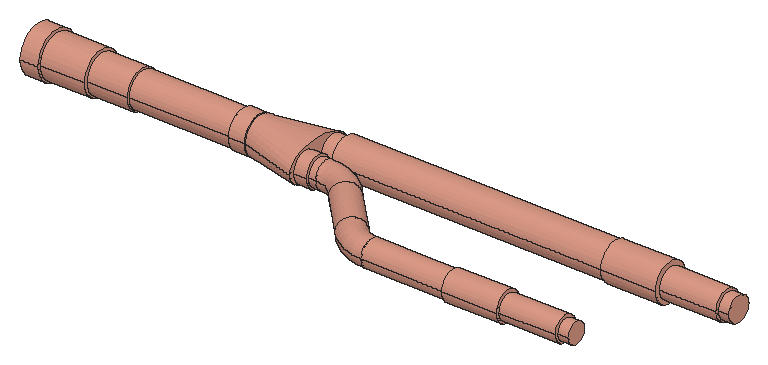
Revit family "outputfile", category 配管付属品, Revit 2024
Family settings
  丸型コネクタ寸法 = 半径を使用
  パーツ タイプ = 標準
  OmniClass 番号 = 23.65.55.00
  OmniClass タイトル = Distribution of Supplied Liquids/Gases
  作業面ベース = いいえ
  常に垂直 = はい
  ロード時にボイドで切り取り = いいえ
  共有 = いいえ
Parameters (values of type "BHRP25A73T")
  Description = ""
  製造元 = "Daikin"
  書き出し IFC クラス(タイプ) = "IfcPipeFittingType"
  定義済み IFC タイプ(タイプ) = "JUNCTION"
  Cost = 0
  Type Comments = ""
  Keynote = ""
  Type Image = (empty or 0)
  Assembly Code = ""
  mm⇔inch [instance] = yes
  Default Elevation = 0.0 mm
  モデル = "BHRP25A73T"
  table_StraightPipe [instance] = if(mm⇔inch, "Refnet Joint_BHRP25A-T_HPLPGas_StraightPipe", "Refnet Joint_BHRP25A-T_HPLPGas_StraightPipe_inch")  # "Refnet Joint_BHRP25A-T_HPLPGas_StraightPipe"
  table_BranchPipe [instance] = if(mm⇔inch, "Refnet Joint_BHRP25A-T_HPLPGas_BranchPipe", "Refnet Joint_BHRP25A-T_HPLPGas_BranchPipe_inch")  # "Refnet Joint_BHRP25A-T_HPLPGas_BranchPipe"
  table_Inlet [instance] = if(mm⇔inch, "Refnet Joint_BHRP25A-T_HPLPGas_Inlet", "Refnet Joint_BHRP25A-T_HPLPGas_Inlet_inch")  # "Refnet Joint_BHRP25A-T_HPLPGas_Inlet"
  switch_StraightPipe_Reducer [instance] = if(Is_StraightPipe Reducer = 1, 1 = 1, 1 = 0)  # no
  switch_StraightPipe3 [instance] = if(number_StraightPipe = 3, 1 = 1, 1 = 0)  # yes
  switch_StraightPipe2 [instance] = if(number_StraightPipe < 2, 1 = 0, 1 = 1)  # yes
  switch_BranchPipe_Reducer [instance] = if(Is_BranchPipe Reducer = 1, 1 = 1, 1 = 0)  # no
  switch_BranchPipe3 [instance] = if(number_BranchPipe = 3, 1 = 1, 1 = 0)  # yes
  switch_BranchPipe2 [instance] = if(number_BranchPipe < 2, 1 = 0, 1 = 1)  # yes
  switch_Inlet pipe_Reducer [instance] = if(Is_Inlet Reducer = 1, 1 = 1, 1 = 0)  # no
  switch_Inlet pipe3 [instance] = if(number_InletPipe = 3, 1 = 1, 1 = 0)  # yes
  switch_Inlet pipe2 [instance] = if(number_InletPipe < 2, 1 = 0, 1 = 1)  # yes
  Uniclass2015Version = "Products v1.31"
  Uniclass2015Title = "Copper pipe fittings"
  Uniclass2015Code = "Pr_65_52_63_18"
  URL = ""
  StraightPipe_HP/LP Gas_ActualDiameter [instance] = 15.9 mm
  Material_Piping = DAIKIN_Copper_Pipe
  Material_Insulation = DAIKIN_White_Insulation
  lw_Insulation [instance] = size_lookup(table_Inlet, "lw_Insulation", 60.0 mm, モデル)  # 57.0 mm
  Unit Type = "BHRP25A-T_HPLPGas"
  Tag No. [instance] = ""
  StraightPipe_HP/LP Gas_Status [instance] = size_lookup(table_StraightPipe, "Information", "The connected pipe size is not available.", モデル, [StraightPipe_HP/LP Gas_ActualDiameter])  # "Default connector size is used."
  Link_Nested Family [instance] = ""
  Inlet_HP/LP Gas_Actual Diameter [instance] = 31.8 mm
  IfcVersion = ""
  IfcExportType = "JUNCTION"
  IfcExportAs = "IfcPipeFittingType"
  BranchPipe_HP/LP Gas_Status [instance] = size_lookup(table_BranchPipe, "Information", "The connected pipe size is not available.", モデル, [BranchPipe_HP/LP Gas_ActualDiameter])  # "Default connector size is used."
  Inlet_HP/LP Gas_Status [instance] = size_lookup(table_Inlet, "Information", "The connected pipe size is not available.", モデル, [Inlet_HP/LP Gas_Actual Diameter])  # "Default connector size is used."
  Series = "Refnet Joint"
  O.R_dividePipe_Inlet [instance] = (I.D_InletPipe1 + 2.0 mm) / 2  # 13.7 mm
  r_StraightPipe_Connector [instance] = [StraightPipe_HP/LP Gas_ActualDiameter] / 2  # 7.95 mm
  r_BranchPipe_Connector [instance] = [BranchPipe_HP/LP Gas_ActualDiameter] / 2  # 6.35 mm
  r_Inlet_Connector [instance] = [Inlet_HP/LP Gas_Actual Diameter] / 2  # 15.9 mm
  number_StraightPipe [instance] = size_lookup(table_StraightPipe, "pipeNumber", 3, モデル, [StraightPipe_HP/LP Gas_ActualDiameter])  # 3
  number_BranchPipe [instance] = size_lookup(table_BranchPipe, "pipeNumber", 2, モデル, [BranchPipe_HP/LP Gas_ActualDiameter])  # 3
  number_InletPipe [instance] = size_lookup(table_Inlet, "pipeNumber", 2, モデル, [Inlet_HP/LP Gas_Actual Diameter])  # 3
  r_BranchPipeR [instance] = size_lookup(table_BranchPipe, "r_offsetPipeR", 20.0 mm, モデル, [BranchPipe_HP/LP Gas_ActualDiameter])  # 30.0 mm
  l_BranchPipe_Straight2 [instance] = size_lookup(table_BranchPipe, "L_offsetPipe2", 40.0 mm, モデル)  # 60.0 mm
  l_BranchPipe_Straight1 [instance] = size_lookup(table_BranchPipe, "L_offsetPipe1", 5.5 mm, モデル)  # 5.6 mm
  l_BranchPipe connector [instance] = size_lookup(table_BranchPipe, "Length", 165.0 mm, モデル, [BranchPipe_HP/LP Gas_ActualDiameter])  # 243.0 mm
  l_inlet connector [instance] = size_lookup(table_Inlet, "Length", 97.0 mm, モデル, [Inlet_HP/LP Gas_Actual Diameter])  # 162.0 mm
  l_dividePipe [instance] = size_lookup(table_Inlet, "L_devidePipe", 38.0 mm, モデル)  # 43.0 mm
  l_StraightPipeReducer [instance] = size_lookup(table_StraightPipe, "L_Reducer", 100.0 mm, モデル, [StraightPipe_HP/LP Gas_ActualDiameter])  # 100.0 mm
  l_StraightPipe3 [instance] = size_lookup(table_StraightPipe, "L_Pipe3", 8.0 mm, モデル)  # 8.0 mm
  l_StraightPipe2 [instance] = size_lookup(table_StraightPipe, "L_Pipe2", 42.0 mm, モデル)  # 42.0 mm
  l_StraightPipe1 [instance] = size_lookup(table_StraightPipe, "L_Pipe1", 40.0 mm, モデル)  # 40.0 mm
  l_StraightPipe0 [instance] = size_lookup(table_StraightPipe, "L_Pipe0", 105.0 mm, モデル)  # 198.0 mm
  l_StraightPipe connector [instance] = size_lookup(table_StraightPipe, "Length", 205.0 mm, モデル, [StraightPipe_HP/LP Gas_ActualDiameter])  # 298.0 mm
  l_BranchPipe Reducer [instance] = size_lookup(table_BranchPipe, "L_Reducer", 80.0 mm, モデル, [BranchPipe_HP/LP Gas_ActualDiameter])  # 120.0 mm
  l_BranchPipe3 [instance] = size_lookup(table_BranchPipe, "L_Pipe3", 2.0 mm, モデル)  # 8.0 mm
  l_BranchPipe2 [instance] = size_lookup(table_BranchPipe, "L_Pipe2", 7.0 mm, モデル)  # 42.0 mm
  l_BranchPipe1 [instance] = size_lookup(table_BranchPipe, "L_Pipe1", 43.0 mm, モデル)  # 40.0 mm
  l_BranchPipe0 [instance] = size_lookup(table_BranchPipe, "L_Pipe0", 105.0 mm, モデル)  # 143.0 mm
  l_InletReducer [instance] = size_lookup(table_Inlet, "L_Reducer", 60.0 mm, モデル, [Inlet_HP/LP Gas_Actual Diameter])  # 120.0 mm
  l_InletPipe3 [instance] = size_lookup(table_Inlet, "L_Pipe3", 2.0 mm, モデル)  # 13.0 mm
  l_InletPipe2 [instance] = size_lookup(table_Inlet, "L_Pipe2", 8.0 mm, モデル)  # 33.0 mm
  l_InletPipe1 [instance] = size_lookup(table_Inlet, "L_Pipe1", 42.0 mm, モデル)  # 30.0 mm
  l_InletPipe0 [instance] = size_lookup(table_Inlet, "L_Pipe0", 35.0 mm, モデル)  # 74.0 mm
  center_StraightPipe [instance] = size_lookup(table_StraightPipe, "center_Pipe", 8.5 mm, モデル)  # 12.5 mm
  center_BranchPipe2 [instance] = size_lookup(table_BranchPipe, "center_OffsetPipe", 71.5 mm, モデル)  # 67.5 mm
  center_BranchPipe1 [instance] = size_lookup(table_BranchPipe, "center_Pipe", 8.5 mm, モデル)  # 12.5 mm
  StraightPipe_HP/LP Gas_AvailableDiameter [instance] = size_lookup(table_StraightPipe, "sizeVariation", "", モデル)  # "15.9/19.1/25.4/28.6mm"
  BranchPipe_HP/LP Gas_AvailableDiameter [instance] = size_lookup(table_BranchPipe, "sizeVariation", "", モデル)  # "12.7/15.9/19.1/28.6mm"
  Inlet_HP/LP Gas_Available Diameter [instance] = size_lookup(table_Inlet, "sizeVariation", "", モデル)  # "25.4/28.6/31.8/34.9mm"
  O.D_StraightPipe Reducer [instance] = size_lookup(table_StraightPipe, "O.D_reducer", 2 mm, モデル, [StraightPipe_HP/LP Gas_ActualDiameter])  # 2 mm
  O.D_Offset Outlet Reducer [instance] = size_lookup(table_BranchPipe, "O.D_reducer", 2 mm, モデル, [BranchPipe_HP/LP Gas_ActualDiameter])  # 2 mm
  O.D_Inlet Reducer [instance] = size_lookup(table_Inlet, "O.D_reducer", 2 mm, モデル, [Inlet_HP/LP Gas_Actual Diameter])  # 2 mm
  Is_StraightPipe Reducer [instance] = size_lookup(table_StraightPipe, "IsReducer", 0, モデル, [StraightPipe_HP/LP Gas_ActualDiameter])  # 0
  Is_BranchPipe Reducer [instance] = size_lookup(table_BranchPipe, "IsReducer", 0, モデル, [BranchPipe_HP/LP Gas_ActualDiameter])  # 0
  Is_Inlet Reducer [instance] = size_lookup(table_Inlet, "IsReducer", 0, モデル, [Inlet_HP/LP Gas_Actual Diameter])  # 0
  BranchPipe_HP/LP Gas_ActualDiameter [instance] = 12.7 mm
  Attach_Insulation [instance] = no
  I.D_StraightPipe3 [instance] = size_lookup(table_StraightPipe, "I.D_PipeSize3", 9.5 mm, モデル)  # 15.9 mm
  I.D_StraightPipe2 [instance] = size_lookup(table_StraightPipe, "I.D_PipeSize2", 12.7 mm, モデル)  # 19.1 mm
  I.D_StraightPipe1 [instance] = size_lookup(table_StraightPipe, "I.D_PipeSize1", 15.9 mm, モデル)  # 25.4 mm
  I.D_StraightPipe0 [instance] = size_lookup(table_StraightPipe, "I.D_PipeSize0", 13.9 mm, モデル)  # 23.4 mm
  I.D_BranchPipe3 [instance] = size_lookup(table_BranchPipe, "I.D_PipeSize3", 2 mm, モデル)  # 12.7 mm
  I.D_BranchPipe2 [instance] = size_lookup(table_BranchPipe, "I.D_PipeSize2", 9.5 mm, モデル)  # 15.9 mm
  I.D_BranchPipe1 [instance] = size_lookup(table_BranchPipe, "I.D_PipeSize1", 12.7 mm, モデル)  # 19.1 mm
  I.D_BranchPipe0 [instance] = size_lookup(table_BranchPipe, "I.D_PipeSize0", 10.7 mm, モデル)  # 17.1 mm
  I.D_Straight Reducer [instance] = size_lookup(table_StraightPipe, "I.D_reducer", 2 mm, モデル, [StraightPipe_HP/LP Gas_ActualDiameter])  # 2 mm
  I.D_OutletPipe [instance] = size_lookup(table_Inlet, "I.D_OutletPipeSize", 13.3 mm, モデル, [Inlet_HP/LP Gas_Actual Diameter])  # 19.6 mm
  I.D_Branch Reducer [instance] = size_lookup(table_BranchPipe, "I.D_reducer", 2 mm, モデル, [BranchPipe_HP/LP Gas_ActualDiameter])  # 2 mm
  I.D_Inlet Reducer [instance] = size_lookup(table_Inlet, "I.D_reducer", 2 mm, モデル, [Inlet_HP/LP Gas_Actual Diameter])  # 2 mm
  I.D_InletPipe3 [instance] = size_lookup(table_Inlet, "I.D_PipeSize3", 2 mm, モデル)  # 31.8 mm
  I.D_InletPipe2 [instance] = size_lookup(table_Inlet, "I.D_PipeSize2", 12.7 mm, モデル)  # 28.6 mm
  I.D_InletPipe1 [instance] = size_lookup(table_Inlet, "I.D_PipeSize1", 15.9 mm, モデル)  # 25.4 mm
  I.D_InletPipe0 [instance] = size_lookup(table_Inlet, "I.D_PipeSize0", 13.9 mm, モデル)  # 23.4 mm
Reference planes
  plane 1 "Center (Front/Back)": y = 0
  plane 2: z = 0
  plane 3 "base_left": x = 0
  plane 4: x = 13
  plane 5: x = 46
  plane 6: x = 76
  plane 7: x = 150
  plane 8: x = 162
  plane 9: x = 205
  plane 10: x = 215
  plane 11 "center_straight outlet": y = 12.5
  plane 12 "center2_offset outlet": y = -67.5
  plane 13 "center1_offset outlet": y = -12.5
  plane 14: x = 413
  plane 15: x = 453
  plane 16: x = 495
  plane 17: x = 358
  plane 18: x = 398
  plane 19: x = 440
  plane 20: x = 503
  plane 21: x = 448
  plane 22 "Reducer_straightoutlet": x = 448
  plane 23: x = 503
  plane 24: y = -26.2
  plane 25: z = 13.7
  plane 26 "Inlet_connector": x = 0
  plane 27 "Left_Insulation": x = 105
Forms (mm)
  SweptBlend 1, solid, material "DAIKIN_Copper_Pipe" <- "Material_Piping"
    path origin (0, 0, 0) x (1, 0, 0) y (0, 1, 0)
      loop
        line (162, 0) -> (205, 0)
    profile origin (162, 0, 0) x (0, 1, 0) y (0, 0, 1)
      loop
        circle (0, 0) r 13.7
    end profile origin (205, 0, 0) x (0, 1, 0) y (0, 0, 1)
      loop
        spline (-26.2, 0) -> (-25.307, -3.546) -> (-22.69, -6.85) -> (-18.526, -9.687) -> (-13.1, -11.865) -> (-6.781, -13.233) -> (0, -13.7) -> (6.781, -13.233) -> (13.1, -11.865) -> (18.526, -9.687) -> (22.69, -6.85) -> (25.307, -3.546) -> (26.2, 0)
        spline (26.2, 0) -> (25.307, 3.546) -> (22.69, 6.85) -> (18.526, 9.687) -> (13.1, 11.865) -> (6.781, 13.233) -> (0, 13.7) -> (-6.781, 13.233) -> (-13.1, 11.865) -> (-18.526, 9.687) -> (-22.69, 6.85) -> (-25.307, 3.546) -> (-26.2, 0)
Dimensions and locks
  "l_InletPipe3": plane 3 "base_left" to plane 4
  "l_InletPipe2": plane 4 to plane 5
  "l_InletPipe1": plane 5 to plane 6
  "l_InletPipe0": plane 6 to plane 7
  locked: plane 7 to plane 8 at 12
  "center_StraightPipe": plane 1 "Center (Front/Back)" to plane 11 "center_straight outlet"
  "center_BranchPipe2": plane 12 "center2_offset outlet" to plane 1 "Center (Front/Back)"
  "center_BranchPipe1": plane 13 "center1_offset outlet" to plane 1 "Center (Front/Back)"
  "l_dividePipe": plane 8 to plane 9
  plane 9 to plane 10 = 10.0 mm
  "l_StraightPipe0": plane 10 to plane 14
  "l_BranchPipe0": plane 10 to plane 17
  "l_BranchPipe1": plane 17 to plane 18
  "l_BranchPipe2": plane 18 to plane 19
  "l_StraightPipe1": plane 14 to plane 15
  "l_StraightPipe2": plane 15 to plane 16
  "l_StraightPipe3": plane 16 to plane 20
  "l_BranchPipe3": plane 19 to plane 21
  "l_BranchPipe connector": plane 9 to plane 22 "Reducer_straightoutlet"
  "l_StraightPipe connector": plane 9 to plane 23
  "O.R_dividePipe_Inlet": plane 24 to plane 13 "center1_offset outlet"
  "O.R_dividePipe_Inlet": plane 25 to plane 2
  "l_inlet connector": plane 26 "Inlet_connector" to plane 8
  "lw_Insulation": plane 27 "Left_Insulation" to plane 8
  "O.R_dividePipe_Inlet": radius of SweptBlend 1 sketch curve
  aligned and locked: level to plane 2
  aligned and locked: plane 2 to nested 1
  aligned and locked: plane 3 "base_left" to nested 1
  aligned and locked: plane 1 "Center (Front/Back)" to nested 1
  aligned and locked: plane 4 to nested 2
  aligned and locked: plane 1 "Center (Front/Back)" to nested 2
  aligned and locked: plane 5 to nested 2
  aligned and locked: plane 5 to nested 3
  aligned and locked: plane 6 to nested 3
  aligned and locked: plane 6 to nested 4
  aligned and locked: nested 4 to plane 7
  aligned and locked: nested 5 to plane 7
  aligned and locked: nested 5 to plane 8
  aligned and locked: plane 8 to SweptBlend 1 sketch curve
  aligned and locked: plane 9 to SweptBlend 1 sketch curve
  aligned and locked: plane 2 to SweptBlend 1 sketch curve  (x2)
  aligned and locked: plane 1 "Center (Front/Back)" to SweptBlend 1 sketch curve  (x2)
  aligned and locked: nested 6 to plane 9
  aligned and locked: nested 7 to plane 9
  aligned and locked: nested 6 to plane 11 "center_straight outlet"
  aligned and locked: nested 7 to plane 13 "center1_offset outlet"
  aligned and locked: nested 7 to plane 10
  aligned and locked: nested 6 to plane 10
  aligned and locked: nested 8 to plane 10
  aligned and locked: plane 14 to nested 8
  aligned and locked: nested 8 to plane 11 "center_straight outlet"
  aligned and locked: plane 14 to nested 9
  aligned and locked: nested 9 to plane 11 "center_straight outlet"
  aligned and locked: plane 15 to nested 9
  aligned and locked: nested 10 to plane 11 "center_straight outlet"
  aligned and locked: plane 15 to nested 10
  aligned and locked: plane 16 to nested 10
  aligned and locked: nested 11 to plane 12 "center2_offset outlet"
  aligned and locked: plane 17 to nested 11
  aligned and locked: plane 18 to nested 11
  aligned and locked: nested 12 to plane 12 "center2_offset outlet"
  aligned and locked: plane 18 to nested 12
  aligned and locked: plane 19 to nested 12
  aligned and locked: nested 13 to plane 10
  aligned and locked: nested 13 to plane 13 "center1_offset outlet"
  aligned and locked: nested 13 to plane 12 "center2_offset outlet"
  aligned and locked: plane 8 to nested 14
  aligned and locked: plane 1 "Center (Front/Back)" to nested 14
  aligned and locked: plane 11 "center_straight outlet" to nested 15
  aligned and locked: nested 15 to plane 9
  aligned and locked: nested 16 to plane 9
  aligned and locked: plane 12 "center2_offset outlet" to nested 16
  aligned and locked: nested 17 to plane 1 "Center (Front/Back)"
  aligned and locked: plane 16 to nested 18
  aligned and locked: plane 20 to nested 18
  aligned and locked: plane 19 to nested 19
  aligned and locked: plane 21 to nested 19
  aligned and locked: nested 20 to plane 12 "center2_offset outlet"
  aligned and locked: plane 23 to nested 21
  aligned and locked: nested 21 to plane 11 "center_straight outlet"
  aligned and locked: plane 4 to nested 1
  aligned and locked: plane 24 to SweptBlend 1 sketch curve
  aligned and locked: plane 25 to SweptBlend 1 sketch curve
  aligned and locked: nested 19 to plane 12 "center2_offset outlet"
  aligned and locked: nested 18 to plane 11 "center_straight outlet"
  aligned and locked: nested 17 to plane 26 "Inlet_connector"
  aligned and locked: plane 22 "Reducer_straightoutlet" to nested 20
  aligned and locked: plane 27 "Left_Insulation" to nested 22
  aligned and locked: plane 1 "Center (Front/Back)" to nested 22
Automatic sketch dimensions
  plane 1 "Center (Front/Back)" to SweptBlend 1 sketch curve = 0.0 mm
Nested families
  nested 1: "daikin_Pipe" at (6.5, 0, 0), I.D_Pipe <- "I.D_InletPipe3", display <- "switch_Inlet pipe3", type "*"
    with length_Pipe 13.0 mm, display yes, O.D_Pipe 33.8 mm, I.D_Pipe 31.8 mm
  nested 2: "daikin_Pipe" at (29.5, 0, 0), I.D_Pipe <- "I.D_InletPipe2", display <- "switch_Inlet pipe2", type "*"
    with length_Pipe 33.0 mm, display yes, O.D_Pipe 30.6 mm, I.D_Pipe 28.6 mm
  nested 3: "daikin_Pipe" at (61, 0, 0), I.D_Pipe <- "I.D_InletPipe1", type "*"
    with length_Pipe 30.0 mm, display yes, O.D_Pipe 27.4 mm, I.D_Pipe 25.4 mm
  nested 4: "daikin_Pipe" at (113, 0, 0), I.D_Pipe <- "I.D_InletPipe0", type "*"
    with length_Pipe 74.0 mm, display yes, O.D_Pipe 25.4 mm, I.D_Pipe 23.4 mm
  nested 5: "daikin_Pipe" at (156, 0, 0), I.D_Pipe <- "I.D_InletPipe1", type "*"
    with length_Pipe 12.0 mm, display yes, O.D_Pipe 27.4 mm, I.D_Pipe 25.4 mm
  nested 6: "daikin_Pipe" at (210, 12.5, 0), I.D_Pipe <- "I.D_OutletPipe", type "*"
    with length_Pipe 10.0 mm, display yes, O.D_Pipe 21.6 mm, I.D_Pipe 19.6 mm
  nested 7: "daikin_Pipe" at (210, -12.5, 0), I.D_Pipe <- "I.D_OutletPipe", type "*"
    with length_Pipe 10.0 mm, display yes, O.D_Pipe 21.6 mm, I.D_Pipe 19.6 mm
  nested 8: "daikin_Pipe" at (314, 12.5, 0), I.D_Pipe <- "I.D_StraightPipe0", type "*"
    with length_Pipe 198.0 mm, display yes, O.D_Pipe 25.4 mm, I.D_Pipe 23.4 mm
  nested 9: "daikin_Pipe" at (433, 12.5, 0), I.D_Pipe <- "I.D_StraightPipe1", type "*"
    with length_Pipe 40.0 mm, display yes, O.D_Pipe 27.4 mm, I.D_Pipe 25.4 mm
  nested 10: "daikin_Pipe" at (474, 12.5, 0), I.D_Pipe <- "I.D_StraightPipe2", display <- "switch_StraightPipe2", type "*"
    with length_Pipe 42.0 mm, display yes, O.D_Pipe 21.1 mm, I.D_Pipe 19.1 mm
  nested 11: "daikin_Pipe" at (378, -67.5, 0), I.D_Pipe <- "I.D_BranchPipe1", type "*"
    with length_Pipe 40.0 mm, display yes, O.D_Pipe 21.1 mm, I.D_Pipe 19.1 mm
  nested 12: "daikin_Pipe" at (419, -67.5, 0), I.D_Pipe <- "I.D_BranchPipe2", display <- "switch_BranchPipe2", type "*"
    with length_Pipe 42.0 mm, display yes, O.D_Pipe 17.9 mm, I.D_Pipe 15.9 mm
  nested 13: "daikin_Pipe Ofsset" at (215, -12.5, 0), I.D_Pipe size <- "I.D_BranchPipe0", length_straight pipe1 <- "l_BranchPipe_Straight1", length_straight pipe2 <- "l_BranchPipe_Straight2", r_Pipe R <- "r_BranchPipeR", length_Pipe <- "l_BranchPipe0", type "*"
    with r_Pipe R 30.0 mm, length_straight pipe2 60.0 mm, length_straight pipe1 5.6 mm, length_offset center 55.0 mm, length_Pipe 143.0 mm, O.D_Pipe size 19.1 mm, I.D_Pipe size 17.1 mm
  nested 14: "daikin_connector_rotate2" at (162, 0, 0) x (0, -1, 0) z (0, 0, 1), length <- "l_inlet connector", type "daikin_connector_rotate2"
    with radius 5.0 mm, length 162.0 mm, angle_vertical 90.00°, locaton_mark no
  nested 15: "daikin_connector_rotate2" at (205, 12.5, 0) x (0, 1, 0) z (0, 0, 1), length <- "l_StraightPipe connector", type "daikin_connector_rotate2"
    with radius 5.0 mm, length 298.0 mm, angle_vertical 90.00°, locaton_mark no
  nested 16: "daikin_connector_rotate2" at (205, -67.5, 0) x (0, 1, 0) z (0, 0, 1), length <- "l_BranchPipe connector", type "daikin_connector_rotate2"
    with radius 5.0 mm, length 243.0 mm, angle_vertical 90.00°, locaton_mark no
  nested 17: "daikin_Pipe_reducer" at (60, 0, 0) x (-1, 0, 0) z (0, 0, 1), display <- "switch_Inlet pipe_Reducer", length_Pipe <- "l_InletReducer", I.D_Pipe1 <- "I.D_Inlet Reducer", O.D_Pipe2 <- "O.D_Inlet Reducer", type "*"
    with length_Pipe 120.0 mm, display no, O.D_Pipe2 2.0 mm, O.D_Pipe1 4.0 mm, I.D_Pipe2 0.0 mm, I.D_Pipe1 2.0 mm
  nested 18: "daikin_Pipe" at (499, 12.5, 0), I.D_Pipe <- "I.D_StraightPipe3", display <- "switch_StraightPipe3", type "*"
    with length_Pipe 8.0 mm, display yes, O.D_Pipe 17.9 mm, I.D_Pipe 15.9 mm
  nested 19: "daikin_Pipe" at (444, -67.5, 0), I.D_Pipe <- "I.D_BranchPipe3", display <- "switch_BranchPipe3", type "*"
    with length_Pipe 8.0 mm, display yes, O.D_Pipe 14.7 mm, I.D_Pipe 12.7 mm
  nested 20: "daikin_Pipe_reducer" at (388, -67.5, 0), I.D_Pipe1 <- "I.D_Branch Reducer", O.D_Pipe2 <- "O.D_Offset Outlet Reducer", length_Pipe <- "l_BranchPipe Reducer", display <- "switch_BranchPipe_Reducer", type "*"
    with length_Pipe 120.0 mm, display no, O.D_Pipe2 2.0 mm, O.D_Pipe1 4.0 mm, I.D_Pipe2 0.0 mm, I.D_Pipe1 2.0 mm
  nested 21: "daikin_Pipe_reducer" at (453, 12.5, 0), I.D_Pipe1 <- "I.D_Straight Reducer", O.D_Pipe2 <- "O.D_StraightPipe Reducer", length_Pipe <- "l_StraightPipeReducer", display <- "switch_StraightPipe_Reducer", type "*"
    with length_Pipe 100.0 mm, display no, O.D_Pipe2 2.0 mm, O.D_Pipe1 4.0 mm, I.D_Pipe2 0.0 mm, I.D_Pipe1 2.0 mm
  nested 22: "daikin_Insulation_RefnetJoint" at (105, 0, 0), I.D_Outlet PipeSize <- "I.D_OutletPipe", type "*"
    with h 51.6 mm, I.D_Outlet PipeSize 19.6 mm, r_Insulation 11.0 mm, h_Insulation 200.0 mm, d_Insulation3_3 73.0 mm, d_Insulation2_2 43.5 mm, d_Insulation1_1 30.0 mm, w_Insulation4 60.3 mm, w_Insulation3 41.3 mm, w_Insulation2 72.0 mm, w_Insulation1 20.0 mm, d_Insulation3 65.0 mm, d_Insulation2 43.5 mm, d_Insulation1 30.0 mm
Connectors
  piping at (0, 0, 0), diameter 31.8, driven by "r_Inlet_Connector"
    settings: on nested 14, index 1, connector inside diameter 609.6 mm, connector length 0.0 mm, flow factor 0, pipe flow 0.00 m³/h, pressure drop 0.0 Pa, fitting loss kfactor 0, connector angle 0.00°, fixture units 0, engagement length 0.0 mm, angle of deflection 0.00°, flow configuration 0, flow direction 0, fitting loss method 0, system type 29, joint type 0, gender type 0, connector reference index -1, connector utility 0, adjustable connector no, is connector primary yes, connector description "Refnet Joint_Inlet_HP/LP Gas"
  piping at (448, -67.5, 0), diameter 12.7, driven by "r_BranchPipe_Connector"
    settings: on nested 16, index 2, connector inside diameter 609.6 mm, connector length 0.0 mm, flow factor 0, pipe flow 0.00 m³/h, pressure drop 0.0 Pa, fitting loss kfactor 0, connector angle 0.00°, fixture units 0, engagement length 0.0 mm, angle of deflection 0.00°, flow configuration 0, flow direction 0, fitting loss method 0, system type 29, joint type 0, gender type 0, connector reference index -1, connector utility 0, adjustable connector no, is connector primary no, connector description "Refnet Joint_Outlet Branch_HP/LP Gas"
  piping at (503, 12.5, 0), diameter 15.9, driven by "r_StraightPipe_Connector"
    settings: on nested 15, index 3, connector inside diameter 609.6 mm, connector length 0.0 mm, flow factor 0, pipe flow 0.00 m³/h, pressure drop 0.0 Pa, fitting loss kfactor 0, connector angle 0.00°, fixture units 0, engagement length 0.0 mm, angle of deflection 0.00°, flow configuration 0, flow direction 0, fitting loss method 0, system type 29, joint type 0, gender type 0, connector reference index -1, connector utility 0, adjustable connector no, is connector primary no, connector description "Refnet Joint_Outlet Straight_HP/LP Gas"
Definition of nested family "daikin_Pipe"
  Parameters (values of type "*")
    Default Elevation = 0.0 mm
    material = none
    length_Pipe [instance] = 150.0 mm
    display [instance] = yes
    O.D_Pipe [instance] = I.D_Pipe + 2.0 mm  # 27.0 mm
    I.D_Pipe [instance] = 25.0 mm
  Reference planes
    plane 1 "Center (Front/Back)": y = 0
    plane 2 "center(vertical)": z = 0
    plane 3 "Center (Left/Right)": x = 0
    plane 4 "left": x = -75
    plane 5 "right": x = 75
  Forms (mm)
    Extrusion 1, solid, material <- "material", visible <- "display"
      sketch origin (0, 0, 0) x (0, 1, 0) y (0, 0, 1)
        loop
          circle (0, 0) r 13.5
      from -75 to 75
  Dimensions and locks
    equal spacing: plane 4 "left", plane 3 "Center (Left/Right)", plane 5 "right"
    "length_Pipe": plane 4 "left" to plane 5 "right"
    "O.D_Pipe": diameter of Extrusion 1 sketch curve
    aligned and locked: level to plane 2 "center(vertical)"
    aligned and locked: plane 2 "center(vertical)" to Extrusion 1 sketch curve
    aligned and locked: plane 1 "Center (Front/Back)" to Extrusion 1 sketch curve
    aligned and locked: plane 5 "right" to Extrusion 1
    aligned and locked: Extrusion 1 to plane 4 "left"
Definition of nested family "daikin_Pipe Ofsset"
  Parameters (values of type "*")
    Default Elevation = 0.0 mm
    r_Pipe R [instance] = 40.0 mm
    material = none
    length_straight pipe2 [instance] = 43.0 mm
    length_straight pipe1 [instance] = 5.0 mm
    length_offset center [instance] = 57.0 mm
    length_Pipe [instance] = 110.0 mm
    O.D_Pipe size [instance] = I.D_Pipe size + 2 mm  # 12 mm
    I.D_Pipe size [instance] = 10 mm
  Reference planes
    plane 1 "Center (Front/Back)": y = 0
    plane 2: z = 0
    plane 3 "Center (Left/Right)": x = 0
    plane 4: y = -57
    plane 5: x = 110
    plane 6: x = 67
    plane 7: x = 5
  Forms (mm)
    Sweep 1, solid, material <- "material"
      path origin (0, 0, 0) x (1, 0, 0) y (0, 1, 0)
        loop
          line (0, 0) -> (5, 0)
          arc (5, 0) -> (20.74, -3.227) -> (33.94, -12.387) r 40
          line (33.94, -12.387) -> (38.06, -44.613)
          arc (38.06, -44.613) -> (51.26, -53.773) -> (67, -57) r 40
          line (67, -57) -> (110, -57)
      profile origin (2.5, 0, 0) x (0, 1, 0) y (0, 0, 1)
        loop
          circle (0, 0) r 6
  Dimensions and locks
    "length_offset center": plane 4 to plane 1 "Center (Front/Back)"
    "length_straight pipe1": plane 3 "Center (Left/Right)" to plane 7
    "length_Pipe": plane 3 "Center (Left/Right)" to plane 5
    "length_straight pipe2": plane 6 to plane 5
    "O.D_Pipe size": diameter of Sweep 1 sketch curve
    "r_Pipe R": radius of Sweep 1 sketch curve  (x2)
    aligned and locked: level to plane 2
    aligned and locked: plane 1 "Center (Front/Back)" to Sweep 1 sketch curve
    aligned and locked: profile plane to Sweep 1 sketch curve
    aligned and locked: plane 5 to Sweep 1 sketch curve
    aligned and locked: plane 7 to Sweep 1 sketch curve
    aligned and locked: plane 6 to Sweep 1 sketch curve
  Automatic sketch dimensions
    plane 1 "Center (Front/Back)" to Sweep 1 sketch curve = 0.0 mm
    Sweep 1 sketch curve to plane 3 "Center (Left/Right)" = 0.0 mm
    plane 4 to Sweep 1 sketch curve = 0.0 mm
    plane 1 "Center (Front/Back)" to Sweep 1 sketch curve = 12.387 mm
    Sweep 1 sketch curve to plane 4 = 12.387 mm
Definition of nested family "daikin_connector_rotate2"
  Parameters (values of type "daikin_connector_rotate2")
    show_face = no
    radius [instance] = 10.0 mm
    locaton_mark = yes
    length [instance] = 600.0 mm
    d_surface = 10.0 mm
    angle_vertical [instance] = 90.00°
    Default Elevation = 0.0 mm
  Reference planes
    plane 1 "Center (Front/Back)": y = 0
    plane 2: z = 0
    plane 3 "Center (Left/Right)": x = 0
  Forms (mm)
    Extrusion 1, solid, visible <- "show_face"
      sketch origin (0, -600, 0) x (1, 0, 0) y (0, 0, 1)
        loop
          circle (0, 0) r 10
      from 0 to -10
  Lines and regions (mm)
    reference lines
      curve 1: line (0, 0, 0) -> (0, -600, 0)
    symbolic lines, visible <- "locaton_mark"
      curve 2: circle (0, 0, 0) r 5 normal (0, 0, 1)
    model lines, visible <- "show_face"
      curve 3: line (0, 0, 0) -> (0, -600, 0)
  Dimensions and locks
    "length": curve 1 to curve 1
    "length": curve 3 to curve 3
    "d_surface": Extrusion 1 to Extrusion 1
    "radius": radius of Extrusion 1 sketch curve
    "angle_vertical": angle curve 1 to plane 1 "Center (Front/Back)"
    "angle_vertical": angle curve 3 to plane 1 "Center (Front/Back)"
    aligned and locked: level to plane 2
    aligned and locked: plane 1 "Center (Front/Back)" to curve 1
    aligned and locked: plane 2 to curve 1
    aligned and locked: plane 1 "Center (Front/Back)" to curve 2
    aligned and locked: plane 3 "Center (Left/Right)" to curve 2
    aligned and locked: plane 1 "Center (Front/Back)" to curve 3
    aligned and locked: plane 2 to curve 3
    aligned and locked: Extrusion 1 to Extrusion 1
  Automatic sketch dimensions
    Extrusion 1 sketch curve to level = 0.0 mm
    Extrusion 1 sketch curve to plane 3 "Center (Left/Right)" = 0.0 mm
    radius of curve 2 = 5.0 mm
Definition of nested family "daikin_Pipe_reducer"
  Parameters (values of type "*")
    Default Elevation = 0.0 mm
    material = none
    length_Pipe [instance] = 250.0 mm
    display [instance] = yes
    O.D_Pipe2 [instance] = 19.1 mm
    O.D_Pipe1 [instance] = I.D_Pipe1 + 2.0 mm  # 24.2 mm
    I.D_Pipe2 [instance] = O.D_Pipe2 - 2.0 mm  # 17.1 mm
    I.D_Pipe1 [instance] = 22.2 mm
  Reference planes
    plane 1 "Center (Front/Back)": y = 0
    plane 2 "center(vertical)": z = 0
    plane 3 "Center (Left/Right)": x = 0
    plane 4 "connection": x = -125
    plane 5 "right": x = 113
    plane 6: x = 125
  Forms (mm)
    Extrusion 1, solid, material <- "material", visible <- "display"
      sketch origin (0, 0, 0) x (0, 1, 0) y (0, 0, 1)
        loop
          circle (0, 0) r 9.55
      from -125 to 113
    Extrusion 2, solid, material <- "material", visible <- "display"
      sketch origin (0, 0, 0) x (0, 1, 0) y (0, 0, 1)
        loop
          circle (0, 0) r 12.1
      from 113 to 125
  Dimensions and locks
    locked: plane 5 "right" to plane 6 at 12
    "length_Pipe": plane 4 "connection" to plane 6
    equal spacing: plane 4 "connection", plane 3 "Center (Left/Right)", plane 6
    "O.D_Pipe2": diameter of Extrusion 1 sketch curve
    "O.D_Pipe1": diameter of Extrusion 2 sketch curve
    aligned and locked: level to plane 2 "center(vertical)"
    aligned and locked: plane 2 "center(vertical)" to Extrusion 1 sketch curve
    aligned and locked: plane 1 "Center (Front/Back)" to Extrusion 1 sketch curve
    aligned and locked: plane 5 "right" to Extrusion 1
    aligned and locked: Extrusion 1 to plane 4 "connection"
    aligned and locked: plane 2 "center(vertical)" to Extrusion 2 sketch curve
    aligned and locked: plane 1 "Center (Front/Back)" to Extrusion 2 sketch curve
    aligned and locked: Extrusion 2 to plane 5 "right"
    aligned and locked: plane 6 to Extrusion 2
Definition of nested family "daikin_Insulation_RefnetJoint"
  Parameters (values of type "*")
    r_Insulation = size_lookup(table_Insulation, "r_Insulation", 13.5 mm, Model)  # 13.5 mm
    h_Insulation = size_lookup(table_Insulation, "h_Insulation", 202.5 mm, Model)  # 202.5 mm
    d_Insulation3_3 = size_lookup(table_Insulation, "d_Insulation3_3", 68.0 mm, Model)  # 68.0 mm
    d_Insulation2_2 = size_lookup(table_Insulation, "d_Insulation2_2", 39.5 mm, Model)  # 39.5 mm
    d_Insulation1_1 = size_lookup(table_Insulation, "d_Insulation1_1", 28.0 mm, Model)  # 28.0 mm
    Default Elevation = 0.0 mm
    Model = "BHRP25A22T"
    w_Insulation5 = size_lookup(table_Insulation, "w_Insulation5", 212.0 mm, Model)  # 212.0 mm
    w_Insulation4 = size_lookup(table_Insulation, "w_Insulation4", 67.0 mm, Model)  # 67.0 mm
    w_Insulation3 = size_lookup(table_Insulation, "w_Insulation3", 34.7 mm, Model)  # 34.7 mm
    w_Insulation2 = size_lookup(table_Insulation, "w_Insulation2", 80.0 mm, Model)  # 80.0 mm
    w_Insulation1 = size_lookup(table_Insulation, "w_Insulation1", 22.0 mm, Model)  # 22.0 mm
    table_Insulation = "Refnet Joint_BHRP25A-T_HPLPGas_Insulation"  # constant formula
    material = none
    h [instance] = (I.D_Outlet PipeSize + 2.0 mm) + 30.0 mm  # 47.0 mm
    display = no
    d_Insulation3 = size_lookup(table_Insulation, "d_Insulation3", 63.5 mm, Model)  # 63.5 mm
    d_Insulation2 = size_lookup(table_Insulation, "d_Insulation2", 39.5 mm, Model)  # 39.5 mm
    d_Insulation1 = size_lookup(table_Insulation, "d_Insulation1", 28.0 mm, Model)  # 28.0 mm
    I.D_Outlet PipeSize [instance] = 15.0 mm
  Reference planes
    plane 1 "Center (Front/Back)": y = 0
    plane 2: z = 0
    plane 3 "Left": x = 0
    plane 4 "top": z = 23.5
    plane 5 "bottom": z = -23.5
    plane 6: x = 22
    plane 7: x = 80
    plane 8: y = 28
    plane 9: y = -28
    plane 10: y = 39.5
    plane 11: y = -39.5
    plane 12: y = -92
    plane 13: x = 212
    plane 14: y = -28.5
    plane 15: x = 114.7
    plane 16: x = 145
    plane 17: x = 202.5
  Forms (mm)
    Extrusion 1, solid, material <- "material", visible <- "display"
      sketch origin (0, 0, 0) x (1, 0, 0) y (0, 1, 0)
        loop
          line (22, 28) -> (0, 28) -> (0, -28) -> (22, -28) -> (80, -39.5) -> (114.7, -39.5) -> (145, -92) -> (212, -92) -> (212, -42) -> (202.5, -42)
          arc (202.5, -42) -> (189, -28.5) -> (202.5, -15) r 13.5
          line (202.5, -15) -> (212, -15) -> (212, 39.5) -> (80, 39.5) -> (22, 28)
      from -23.5 to 23.5
  Dimensions and locks
    equal spacing: plane 4 "top", plane 2, plane 5 "bottom"
    "h": plane 4 "top" to plane 5 "bottom"
    "w_Insulation1": plane 3 "Left" to plane 6
    "w_Insulation2": plane 3 "Left" to plane 7
    "w_Insulation5": plane 3 "Left" to plane 13
    "w_Insulation3": plane 7 to plane 15
    "w_Insulation4": plane 16 to plane 13
    "d_Insulation1": plane 1 "Center (Front/Back)" to plane 9
    "d_Insulation1_1": plane 8 to plane 1 "Center (Front/Back)"
    "d_Insulation2": plane 1 "Center (Front/Back)" to plane 11
    "d_Insulation2_2": plane 10 to plane 1 "Center (Front/Back)"
    "d_Insulation3_3": plane 10 to plane 14
    "d_Insulation3": plane 14 to plane 12
    "r_Insulation": Extrusion 1 sketch curve to plane 14
    "r_Insulation": plane 14 to Extrusion 1 sketch curve
    "h_Insulation": plane 3 "Left" to plane 17
    "r_Insulation": radius of Extrusion 1 sketch curve
    aligned and locked: level to plane 2
    aligned and locked: Extrusion 1 to plane 5 "bottom"
    aligned and locked: plane 4 "top" to Extrusion 1
    aligned and locked: plane 6 to Extrusion 1  (x2)
    aligned and locked: plane 7 to Extrusion 1  (x2)
    aligned and locked: plane 6 to Extrusion 1 sketch curve
    aligned and locked: plane 11 to Extrusion 1 sketch curve
    aligned and locked: plane 7 to Extrusion 1 sketch curve  (x2)
    aligned and locked: plane 10 to Extrusion 1 sketch curve
    aligned and locked: Extrusion 1 sketch curve to plane 12
    aligned and locked: Extrusion 1 sketch curve to plane 13  (x2)
    aligned and locked: plane 16 to Extrusion 1 sketch curve
    aligned and locked: plane 15 to Extrusion 1 sketch curve
    aligned and locked: plane 17 to Extrusion 1 sketch curve
  Automatic sketch dimensions
    Extrusion 1 sketch curve to plane 3 "Left" = 0.0 mm
    Extrusion 1 sketch curve to plane 6 = 0.0 mm
    Extrusion 1 sketch curve to plane 9 = 0.0 mm
    Extrusion 1 sketch curve to plane 8 = 0.0 mm
